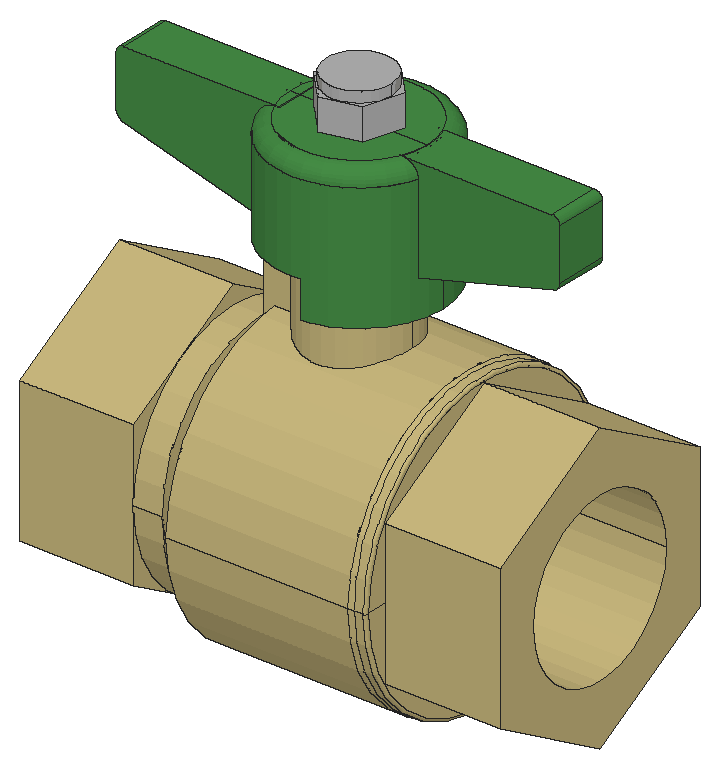
Revit family "QA02530000", category Apparecchi idraulici, Revit 2016
Family settings
  Tipo di parte = Normale
  Quota connettore circolare = Usa diametro
  Numero OmniClass = 23.45.00.00
  Titolo OmniClass = Sanitary, Laundry, and Cleaning Equipment
  Basato su piano di lavoro = No
  Sempre verticale = Sì
  Taglio con vuoti quando caricato = No
  Condiviso = No
  Punto di calcolo locali = No
Parameters
  URL = "https://web.cimberio.it/index.php/figura/1466?subcategoria_id=102"
  Produttore = "CIMBERIO SPA"
  Modello = "Cim 312CRNL"
  DN Model [instance] = QA02531032 : QA02531032
  DN [instance] = 32 mm
Reference planes
  plane 1 "Centro (Fronte/Retro)": y = 0
  plane 2: z = 0
  plane 3 "Centro (Sinistra/Destra)": x = 0
Dimensions and locks
  aligned and locked: level to plane 2
Nested families
  nested 1: "QA02531032" at (0, 0, 0), type <- "DN Model", type "QA02531032"
  nested 2: "QA02531032" at (0, 0, 0), type <- "DN Model", type "QA02531032"
  nested 3: "QA02531032" at (0, 0, 0), type <- "DN Model", type "QA02531032"
  nested 4: "QA02531032" at (0, 0, 0), type <- "DN Model", type "QA02531032"
  nested 5: "QA02531032" at (0, 0, 0), type <- "DN Model", type "QA02531032"
  nested 6: "QA02531032" at (0, 0, 0), type <- "DN Model", type "QA02531032"
  nested 7: "QA02531032" at (0, 0, 0), type <- "DN Model", type "QA02531032"
  nested 8: "QA02531032" at (0, 0, 0), type <- "DN Model", type "QA02531032"
Connectors
  piping at (45.988, 0, 0), diameter 32, driven by "DN"
    settings: on nested 1, index 1, connector inside diameter 609.6 mm, connector length 0 mm, flow factor 0, pipe flow 0.0 L/s, pressure drop 0.0 Pa, fitting loss kfactor 0, connector angle 0.00°, fixture units 0, engagement length 0 mm, angle of deflection 0.00°, flow configuration 0, flow direction 0, fitting loss method 0, system type 7, joint type 0, gender type 0, connector reference index -1, connector utility 0, adjustable connector no, is connector primary yes, connector description ""
  piping at (-45.712, 0, 0), diameter 32, driven by "DN"
    settings: on nested 1, index 2, connector inside diameter 609.6 mm, connector length 0 mm, flow factor 0, pipe flow 0.0 L/s, pressure drop 0.0 Pa, fitting loss kfactor 0, connector angle 0.00°, fixture units 0, engagement length 0 mm, angle of deflection 0.00°, flow configuration 0, flow direction 0, fitting loss method 0, system type 7, joint type 0, gender type 0, connector reference index -1, connector utility 0, adjustable connector no, is connector primary no, connector description ""
Definition of nested family "QA02531032"
  Reference planes
    plane 1 "Centro (Fronte/Retro)": y = 0
    plane 2: z = 0
    plane 3 "Centro (Sinistra/Destra)": x = 0
  Forms (mm)
    Revolve 1, solid
      sketch origin (0, 0, 0) x (0, 1, 0) y (-1, 0, 0)
        loop
          line (11.385, 24) -> (11.385, -23.85) -> (27.649, -23.85)
          arc (27.649, -23.85) -> (28.067, -23.741) -> (28.25, -23.35) r 0.508
          line (28.25, -23.35) -> (28.25, -21.609) -> (28.5, -20.676) -> (28.5, 14) -> (24, 18.5) -> (24, 24) -> (11.385, 24)
        axis (0, 24) -> (0, -23.85)
      angle from 0 to 360
    Extrusion 2, solid
      sketch origin (-24, 0, 0) x (0, 1, 0) y (0, 0, -1)
        loop
          circle (0, 0) r 16
        loop
          line (0, 27.4) -> (-23.729, 13.7) -> (-23.729, -13.7) -> (0, -27.4) -> (23.729, -13.7) -> (23.729, 13.7) -> (0, 27.4)
      from 0 to 21.712
    Extrusion 3, solid
      sketch origin (24, 0, 0) x (0, 1, 0) y (0, 0, 1)
        loop
          circle (0, 0) r 16
        loop
          line (0, -27.4) -> (23.729, -13.7) -> (23.729, 13.7) -> (0, 27.4) -> (-23.729, 13.7) -> (-23.729, -13.7) -> (0, -27.4)
      from -0.512 to 21.988
    Extrusion 4, solid
      sketch origin (0, 0, 58.3) x (0, 1, 0) y (-1, 0, 0)
        loop
          circle (0, 0) r 10.2
        loop
          circle (0, 0) r 7.709
      from -35.267 to -1.538
    Revolve 5, solid
      sketch origin (0, 0, 0) x (1, 0, 0) y (0, 0, 1)
        loop
          line (0, 64.3) -> (-13.119, 64.3)
          arc (-13.119, 64.3) -> (-15.23, 63.426) -> (-16.105, 61.315) r 2.985
          line (-16.105, 61.315) -> (-16.105, 37.3) -> (-10.776, 37.3) -> (-10.776, 57.3) -> (0, 57.3) -> (0, 64.3)
        axis (0, 64.3) -> (0, 37.3)
      angle from 0 to 360
    Extrusion 6, void
      sketch origin (0, 0, 58.3) x (0, 1, 0) y (-1, 0, 0)
        loop
          arc (0, 16.105) -> (-11.986, 10.756) -> (-16.01, -1.738) r 16.105
          line (-16.01, -1.738) -> (-10.635, -1.738)
          arc (-10.635, -1.738) -> (-8.211, 6.978) -> (0, 10.776) r 10.776
          line (0, 10.776) -> (0, 16.105)
      from -22.832 to -14
    Extrusion 7, solid
      sketch origin (0, 0, 0) x (1, 0, 0) y (0, 0, 1)
        loop
          line (-11.294, 64.3) -> (-40.872, 64.3)
          arc (-40.872, 64.3) -> (-41.925, 63.864) -> (-42.362, 62.81) r 1.49
          line (-42.362, 62.81) -> (-42.362, 52.961)
          arc (-42.362, 52.961) -> (-42.041, 52.03) -> (-41.215, 51.493) r 1.513
          line (-41.215, 51.493) -> (-15.314, 44.553) -> (-11.294, 64.3)
        loop
          line (11.294, 64.3) -> (15.314, 44.553) -> (41.215, 51.493)
          arc (41.215, 51.493) -> (42.041, 52.03) -> (42.362, 52.961) r 1.513
          line (42.362, 52.961) -> (42.362, 62.81)
          arc (42.362, 62.81) -> (41.925, 63.864) -> (40.872, 64.3) r 1.49
          line (40.872, 64.3) -> (11.294, 64.3)
      from -5 to 5
    Extrusion 8, solid
      sketch origin (0, 0, 58.3) x (0, 1, 0) y (-1, 0, 0)
        loop
          line (-7.178, 2.194) -> (-5.489, -5.119) -> (1.688, -7.313) -> (7.178, -2.194) -> (5.489, 5.119) -> (-1.688, 7.313) -> (-7.178, 2.194)
      from 6 to 12
    Extrusion 9, solid
      sketch origin (0, 0, 70.3) x (0, 1, 0) y (-1, 0, 0)
        loop
          circle (0, 0) r 6.25
      from 0 to 2
    Extrusion 10, solid
      sketch origin (0, 0, 70.3) x (0, 1, 0) y (-1, 0, 0)
        loop
          line (0, 16.105) -> (-2.552, 16.105) -> (-2.552, 8.871) -> (0, 8.871) -> (0, 16.105)
      from -47.267 to -28.064
  Cuts and joins
    Extrusion 6 cuts Revolve 5
    joined: Revolve 1, Extrusion 4, Extrusion 10
  Dimensions and locks
    aligned and locked: level to plane 2
